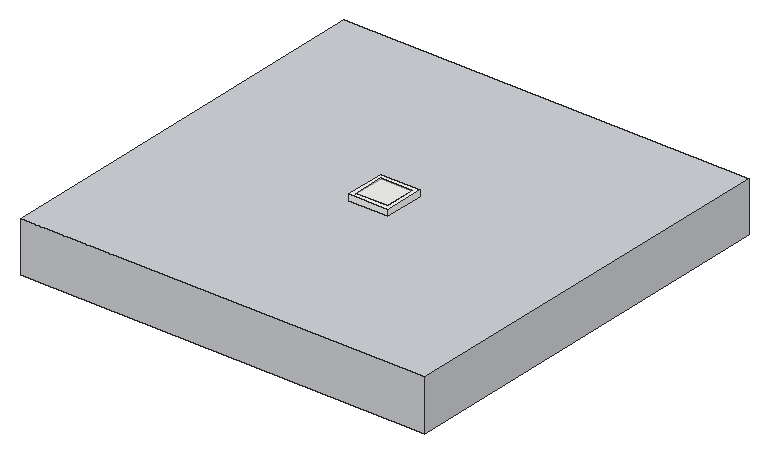
Revit family "PLAFOLED CARRÉ", category Luminaires, Revit 2021
Family settings
  Hôte = Face
  Cote de connecteur circulaire = Utiliser le diamètre
  Type d'élément = Normal
  Numéro OmniClass = 23.80.70.11.14.11
  Titre OmniClass = Downlights
  Couper avec des vides une fois chargée = Oui
  Source d'éclairage = Oui
  Partagée = Oui
  Point de calcul de pièce = Oui
Parameters (values of type "749203")
  Épaisseur diffuseur = 2 mm
  Épaisseur = 35 mm
  URL = "https://www.resistex-sa.com/fr/plafoled-ca-1418lm-bl-3000k-99.html"
  Tension = 230 V  # constant formula
  built-in parameter 1150107 = 3000 (stored number, unit not read)
  Wattage = 18.8 W
  built-in parameter 1150110 = 1 (stored number, unit not read)
  built-in parameter 1150109 = 1 (stored number, unit not read)
  built-in parameter 1114218 = 1 (stored number, unit not read)
  built-in parameter 1150113 = 1 (stored number, unit not read)
  built-in parameter 1150112 = 1 (stored number, unit not read)
  Nombre pôles = 1  # constant formula
  built-in parameter 1150137 = (empty or 0)
  built-in parameter 1150132 = (empty or 0)
  Modèle = "Plafoled"  # constant formula
  Matériau diffuseur = PC Transparent
  Matériau corps = PC Blanc
  Longueur diffuseur = 192 mm
  Longueur = 240 mm
  Largeur diffuseur = 192 mm
  Largeur = 240 mm
  built-in parameter 1150105 = 112.8 (stored number, unit not read)
  built-in parameter 1150102 = (empty or 0)
  Indice de charge = Eclairage
  Image du type = <Aucun>
  IP = "40"  # constant formula
  IK = "08"  # constant formula
  Gradation des changements de température de couleur de lampe = <Aucun>
  Garantie = "5 ans"  # constant formula
  Lumens = 1417.52 lm
  Color Filter = 16777215
  Fichier de distribution photométrique = "749203.ies"
  built-in parameter 1114217 = 1 (stored number, unit not read)
  built-in parameter 1150139 = (empty or 0)
  Fabricant = "Résistex"  # constant formula
  Emit from Rectangle Length = 1219.2 mm
  Emit from Rectangle Width = 609.6 mm
  Emit Shape Visible in Rendering = no
  Default Elevation = 0 mm
  built-in parameter 1150104 = 7.0049 (stored number, unit not read)
  built-in parameter 1150106 = 1.128 (stored number, unit not read)
  built-in parameter 1150115 = 1 (stored number, unit not read)
  built-in parameter 1150114 = 1 (stored number, unit not read)
  Distance fond réflecteur = 33 mm
  Description = "Plafonnier équipé d'un module LED SMD, efficacité lumineuse de 75.4lm/W"
  Coût = 70
  built-in parameter 1150138 = (empty or 0)
  built-in parameter 1150134 = (empty or 0)
  Commentaires relatifs à la puissance = "18.8W"
  Apparent Load = 19.58 VA
  Tilt Angle = 60.00°
  built-in parameter 1150133 = 10 (stored number, unit not read)
Types (9, lengths in mm): name | URL | built-in parameter 1150107 | Wattage | Matériau corps | Longueur | Largeur | built-in parameter 1150105 | Lumens | Fichier de distribution photométrique | built-in parameter 1150104 | built-in parameter 1150106 | Description | Coût | built-in parameter 1150134 | Commentaires relatifs à la puissance | Apparent Load
  (no name) | "https://www.resistex-sa.com/fr/plafoled-ca-1418lm-bl-3000k-99.html" | 3000 (stored number, unit not read) | 18.8 W | PC Blanc | 240 | 240 | 112.8 (stored number, unit not read) | 1417.52 lm | "749203.ies" | 7.0049 (stored number, unit not read) | 1.128 (stored number, unit not read) | "Plafonnier équipé d'un module LED SMD, efficacité lumineuse de 75.4lm/W" | 70 | (empty or 0) | "18.8W" | 19.58 VA
  749203 | "https://www.resistex-sa.com/fr/plafoled-ca-1418lm-bl-3000k-99.html" | 3000 (stored number, unit not read) | 18.8 W | PC Blanc | 240 | 240 | 112.8 (stored number, unit not read) | 1417.52 lm | "749203.ies" | 7.0049 (stored number, unit not read) | 1.128 (stored number, unit not read) | "Plafonnier équipé d'un module LED SMD, efficacité lumineuse de 75.4lm/W" | 70 | (empty or 0) | "18.8W" | 19.58 VA
  749293 | "https://www.resistex-sa.com/fr/plafoled-ca-1418lm-nr-3000k-101.html" | 3000 (stored number, unit not read) | 18.8 W | PC Noir | 240 | 240 | 112.8 (stored number, unit not read) | 1417.52 lm | "749293.ies" | 7.0049 (stored number, unit not read) | 1.128 (stored number, unit not read) | "Plafonnier équipé d'un module LED SMD, efficacité lumineuse de 75.4lm/W" | 70 | (empty or 0) | "18.8W" | 19.58 VA
  749204 | "https://www.resistex-sa.com/fr/plafoled-ca-1522lm-bl-4000k-100.html" | 4000 (stored number, unit not read) | 18.8 W | PC Blanc | 240 | 240 | 121.03 (stored number, unit not read) | 1520.92 lm | "749204.ies" | 7.5159 (stored number, unit not read) | 1.2103 (stored number, unit not read) | "Plafonnier équipé d'un module LED SMD, efficacité lumineuse de 80.9lm/W" | 70 | 12 | "18.8W" | 19.58 VA
  749294 | "https://www.resistex-sa.com/fr/plafoled-ca-1522lm-nr-4000k-102.html" | 4000 (stored number, unit not read) | 18.8 W | PC Noir | 240 | 240 | 121.03 (stored number, unit not read) | 1520.92 lm | "749294.ies" | 7.5159 (stored number, unit not read) | 1.2103 (stored number, unit not read) | "Plafonnier équipé d'un module LED SMD, efficacité lumineuse de 80.9lm/W" | 70 | 12 | "18.8W" | 19.58 VA
  749363 | "https://www.resistex-sa.com/fr/plafoled-ca-2588lm-bl-3000k-103.html" | 3000 (stored number, unit not read) | 33.6 W | PC Blanc | 320 | 320 | 206.15 (stored number, unit not read) | 2590.56 lm | "749363.ies" | 7.1628 (stored number, unit not read) | 2.0615 (stored number, unit not read) | "Plafonnier équipé d'un module LED SMD, efficacité lumineuse de 77.1lm/W" | 115 | (empty or 0) | "33.6W" | 34.29 VA
  749393 | "https://www.resistex-sa.com/fr/plafoled-ca-2588lm-nr-3000k-105.html" | 3000 (stored number, unit not read) | 33.6 W | PC Noir | 320 | 320 | 206.15 (stored number, unit not read) | 2590.56 lm | "749393.ies" | 7.1628 (stored number, unit not read) | 2.0615 (stored number, unit not read) | "Plafonnier équipé d'un module LED SMD, efficacité lumineuse de 77.1lm/W" | 115 | (empty or 0) | "33.6W" | 34.29 VA
  749364 | "https://www.resistex-sa.com/fr/plafoled-ca-2728lm-bl-4000k-104.html" | 4000 (stored number, unit not read) | 33.6 W | PC Blanc | 320 | 320 | 217.11 (stored number, unit not read) | 2728.32 lm | "749364.ies" | 7.5437 (stored number, unit not read) | 2.1711 (stored number, unit not read) | "Plafonnier équipé d'un module LED SMD, efficacité lumineuse de 81.2lm/W" | 115 | 12 | "33.6W" | 34.29 VA
  749394 | "https://www.resistex-sa.com/fr/plafoled-ca-2728lm-nr-4000k-106.html" | 4000 (stored number, unit not read) | 33.6 W | PC Noir | 320 | 320 | 217.11 (stored number, unit not read) | 2728.32 lm | "749394.ies" | 7.5437 (stored number, unit not read) | 2.1711 (stored number, unit not read) | "Plafonnier équipé d'un module LED SMD, efficacité lumineuse de 81.2lm/W" | 115 | 12 | "33.6W" | 34.29 VA
Reference planes
  plane 1 "Centre (avant/arrière)": y = 0
  plane 2: z = 0
  plane 3 "Centre (gauche/droite)": x = 0
  plane 4: x = -120
  plane 5: x = 120
  plane 6: y = 120
  plane 7: y = -120
  plane 8 "Fond diffuseur": z = 33
  plane 9: x = -96
  plane 10: x = 96
  plane 11: y = 96
  plane 12: y = -96
  plane 13: x = -96
  plane 14: x = 96
  plane 15: y = 96
  plane 16: y = -96
Forms (mm)
  Extrusion 1, solid
    sketch origin (0, 0, 0) x (1, 0, 0) y (0, 1, 0)
      loop
        line (-1219.2, 1219.2) -> (-1219.2, -1219.2) -> (1219.2, -1219.2) -> (1219.2, 1219.2) -> (-1219.2, 1219.2)
    from 0 to -304.8
  Extrusion 2, solid, material "PC Blanc" <- "Matériau corps"
    sketch origin (0, 0, 0) x (1, 0, 0) y (0, 1, 0)
      loop
        line (-120, 120) -> (-120, -120) -> (120, -120) -> (120, 120) -> (-120, 120)
    from 0 to 35 <- "Épaisseur"
  Extrusion 3, void
    sketch origin (0, 0, 33) x (-1, 0, 0) y (0, -1, 0)
      loop
        line (96, -96) -> (96, 96) -> (-96, 96) -> (-96, -96) -> (96, -96)
    from 0 to 2 <- "Épaisseur diffuseur"
  Extrusion 4, solid, material "PC Transparent" <- "Matériau diffuseur"
    sketch origin (0, 0, 33) x (-1, 0, 0) y (0, -1, 0)
      loop
        line (96, -96) -> (96, 96) -> (-96, 96) -> (-96, -96) -> (96, -96)
    from 0 to 2 <- "Épaisseur diffuseur"
Cuts and joins
  Extrusion 3 cuts Extrusion 2
Dimensions and locks
  "Largeur": plane 4 to plane 5
  equal spacing: plane 4, plane 3 "Centre (gauche/droite)", plane 5
  "Longueur": plane 6 to plane 7
  equal spacing: plane 6, plane 1 "Centre (avant/arrière)", plane 7
  "Distance fond réflecteur": plane 8 "Fond diffuseur" to Extrusion 1
  "Largeur diffuseur": plane 9 to plane 10
  plane 9 to imposter light to plane 10 = 96 mm, 96 mm
  "Longueur diffuseur": plane 11 to plane 12
  equal spacing: plane 12, imposter light, plane 11
  "Longueur diffuseur": plane 13 to plane 14
  equal spacing: plane 13, imposter light, plane 14
  "Largeur diffuseur": plane 15 to plane 16
  plane 15 to imposter light to plane 16 = 96 mm, 96 mm
  aligned and locked: plane 2 to Extrusion 1
  aligned and locked: level to Extrusion 1
  aligned and locked: Extrusion 2 sketch curve to plane 6
  aligned and locked: plane 4 to Extrusion 2 sketch curve
  aligned and locked: Extrusion 2 sketch curve to plane 7
  aligned and locked: Extrusion 2 sketch curve to plane 5
  aligned and locked: Extrusion 3 sketch curve to plane 11
  aligned and locked: plane 9 to Extrusion 3 sketch curve
  aligned and locked: Extrusion 3 sketch curve to plane 12
  aligned and locked: Extrusion 3 sketch curve to plane 10
  aligned and locked: Extrusion 4 sketch curve to cut or joined group of Extrusion 2, Extrusion 3  (x4)
Automatic sketch dimensions
  Extrusion 1 sketch curve to Extrusion 1 sketch curve = 2438.4 mm  (x2)
Connectors
  electrical at (0, 0, 0), driven by "Nombre pôles", driven by "Indice de charge", driven by "Tension", driven by "Apparent Load"
    settings: on cut or joined group of Extrusion 2, Extrusion 3, index 1, voltage 230 V, apparent load 0 VA, apparent load phase1 19.58 VA, apparent load phase2 0 VA, apparent load phase3 0 VA, power factor 1, load classification "Eclairage", number of poles 1, system type 31, power factor state 1, is connector primary yes, connector utility no, sub classification motor no, connector description ""
